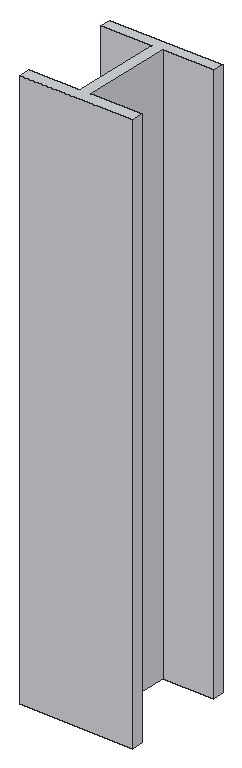
Revit family "Fence post", category Generic Models, Revit 2021
Family settings
  Can host rebar = No
  Round Connector Dimension = Use Diameter
  Part Type = Normal
  Work Plane-Based = No
  Always vertical = Yes
  Cut with Voids When Loaded = No
  Shared = No
  Room Calculation Point = No
Parameters
  Post height [instance] = 250 mm
  Material = none
  Default Elevation = 0 mm
Reference planes
  plane 1 "Center (Front/Back)": y = 0
  plane 2: z = 0
  plane 3 "Center (Left/Right)": x = 0
Forms (mm)
  Extrusion 1, solid, material <- "Material"
    sketch origin (0, 0, 0) x (1, 0, 0) y (0, 1, 0)
      loop
        line (-25, -25) -> (25, -25) -> (25, -20) -> (2.5, -20) -> (2.5, 20) -> (25, 20) -> (25, 25) -> (-25, 25) -> (-25, 20) -> (-2.5, 20) -> (-2.5, -20) -> (-25, -20) -> (-25, -25)
    from 0 to 250 <- "Post height"
Dimensions and locks
  aligned and locked: level to plane 2
